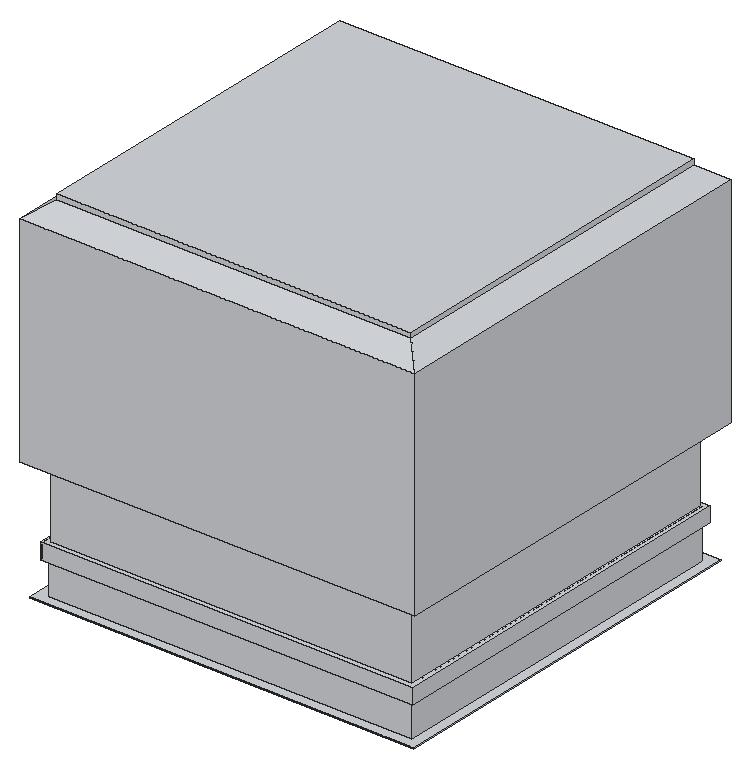
Revit family "ETE", category Mechanical Equipment, Revit 2019
Family settings
  Round Connector Dimension = Use Diameter
  Part Type = Normal
  Work Plane-Based = No
  Always vertical = Yes
  Cut with Voids When Loaded = No
  Shared = No
  Room Calculation Point = No
Parameters (values of type "60_ETE")
  Unit Weight [instance] = ""
  Sones [instance] = ""
  RO/2 = RO / 2  # 2' - 9 3/4"
  Motor RPM [instance] = ""
  Motor Enclosure [instance] = ""
  ModelID [instance] = ""
  LwA [instance] = ""
  CURB_HEIGHT [instance] = 0' - 9 1/2"
  CURB [instance] = yes
  C/2 = A_ / 2  # 3' - 2 3/8"
  D/2 = A__ / 2  # 3' - 2 3/8"
  RO = T_SQ - 0' 4 1/2"  # 5' - 7 1/2"
  T_SQ/2 = T_SQ / 2  # 3' - 0"
  Fan RPM [instance] = ""
  T_SQ = 6' - 0"
  Accessories [instance] = ""
  A_ = A__  # 6' - 4 3/4"
  A__ = 6' - 4 3/4"
  B/2 = C / 2  # 0' - 8 5/8"
  C = 1' - 5 1/4"
  Brake Hp [instance] = ""
  G/2 = G / 2  # 0' - 1 1/2"
  G-.125" = G - 0' 0 1/8"  # 0' - 2 7/8"
  B-G = C - G  # 1' - 2 1/4"
  A-B = B - C  # 3' - 10 1/4"
  G = 0' - 3"
  A/2 = B / 2  # 2' - 7 3/4"
  A-1.5" = B - 0' 1 1/2"  # 5' - 2"
  B = 5' - 3 1/2"
  4" = 0' - 4"  # constant formula
  2' = 2' - 0"
  2" = 0' - 2"  # constant formula
  1" = 0' - 1"  # constant formula
  0 = 0' - 0"  # constant formula
  Voltage [instance] = 0 V
  URL = "www.lorencook.com"
  Type Comments = "Tiered Exhaust Ventilator Roof Mounted/Belt Drive"  # constant formula
  Static Pressure [instance] = 0.00 in-wg
  Power [instance] = Voltage * Motor FLA * sqrt(if(Phase = 3, 3, 1))  # 0 VA
  Phase [instance] = 0
  Number of Poles [instance] = 1
  Motor Hp [instance] = "0"
  Motor FLA [instance] = 0 A
  Model = "ETE"  # constant formula
  Manufacturer = "Loren Cook Company"
  CFM [instance] = 0 CFM
  1.5 = 0' - 1 1/2"  # constant formula
  ONE EIGTH = 0' - 0 1/8"  # constant formula
  -D/2 = -A__ / 2  # -3' - 2 3/8"
  -(B/2) = -(C / 2)  # -0' - 8 5/8"
  -(A/2) = -(B / 2)  # -2' - 7 3/4"
  (T_SQ/2)-2" = (T_SQ / 2) - 0' 2"  # 2' - 10"
  (T_SQ/2)-1" = (T_SQ / 2) - 0' 1"  # 2' - 11"
  (T_SQ/2)+.125" = (T_SQ / 2) + 0' 0 1/8"  # 3' - 0 1/8"
  (A-B)/2 = (B - C) / 2  # 1' - 11 1/8"
Types (8): name | RO/2 | C/2 | D/2 | RO | T_SQ/2 | T_SQ | A_ | A__ | B/2 | C | B-G | A-B | A/2 | A-1.5" | B | -D/2 | -(B/2) | -(A/2) | (T_SQ/2)-2" | (T_SQ/2)-1" | (T_SQ/2)+.125" | (A-B)/2
  (no name) | 2' - 9 3/4" | 3' - 2 3/8" | 3' - 2 3/8" | 5' - 7 1/2" | 3' - 0" | 6' - 0" | 6' - 4 3/4" | 6' - 4 3/4" | 0' - 8 5/8" | 1' - 5 1/4" | 1' - 2 1/4" | 3' - 10 1/4" | 2' - 7 3/4" | 5' - 2" | 5' - 3 1/2" | -3' - 2 3/8" | -0' - 8 5/8" | -2' - 7 3/4" | 2' - 10" | 2' - 11" | 3' - 0 1/8" | 1' - 11 1/8"
  24_ETE | 1' - 3 3/4" | 1' - 8 3/8" | 1' - 8 3/8" | 2' - 7 1/2" | 1' - 6" | 3' - 0" | 3' - 4 3/4" | 3' - 4 3/4" | 0' - 6 1/4" | 1' - 0 1/2" | 0' - 9 1/2" | 1' - 9 3/4" | 1' - 5 1/8" | 2' - 8 3/4" | 2' - 10 1/4" | -1' - 8 3/8" | -0' - 6 1/4" | -1' - 5 1/8" | 1' - 4" | 1' - 5" | 1' - 6 1/8" | 0' - 10 7/8"
  30_ETE | 1' - 6 3/4" | 1' - 11 3/8" | 1' - 11 3/8" | 3' - 1 1/2" | 1' - 9" | 3' - 6" | 3' - 10 3/4" | 3' - 10 3/4" | 0' - 6 1/4" | 1' - 0 1/2" | 0' - 9 1/2" | 1' - 9 3/4" | 1' - 5 1/8" | 2' - 8 3/4" | 2' - 10 1/4" | -1' - 11 3/8" | -0' - 6 1/4" | -1' - 5 1/8" | 1' - 7" | 1' - 8" | 1' - 9 1/8" | 0' - 10 7/8"
  36_ETE | 1' - 9 3/4" | 2' - 2 3/8" | 2' - 2 3/8" | 3' - 7 1/2" | 2' - 0" | 4' - 0" | 4' - 4 3/4" | 4' - 4 3/4" | 0' - 6 1/4" | 1' - 0 1/2" | 0' - 9 1/2" | 2' - 4 3/4" | 1' - 8 5/8" | 3' - 3 3/4" | 3' - 5 1/4" | -2' - 2 3/8" | -0' - 6 1/4" | -1' - 8 5/8" | 1' - 10" | 1' - 11" | 2' - 0 1/8" | 1' - 2 3/8"
  42_ETE | 2' - 0 3/4" | 2' - 5 3/8" | 2' - 5 3/8" | 4' - 1 1/2" | 2' - 3" | 4' - 6" | 4' - 10 3/4" | 4' - 10 3/4" | 0' - 8 1/8" | 1' - 4 1/4" | 1' - 1 1/4" | 2' - 4 3/4" | 1' - 10 1/2" | 3' - 7 1/2" | 3' - 9" | -2' - 5 3/8" | -0' - 8 1/8" | -1' - 10 1/2" | 2' - 1" | 2' - 2" | 2' - 3 1/8" | 1' - 2 3/8"
  48_ETE | 2' - 3 3/4" | 2' - 8 3/8" | 2' - 8 3/8" | 4' - 7 1/2" | 2' - 6" | 5' - 0" | 5' - 4 3/4" | 5' - 4 3/4" | 0' - 8 1/8" | 1' - 4 1/4" | 1' - 1 1/4" | 2' - 11 3/4" | 2' - 2" | 4' - 2 1/2" | 4' - 4" | -2' - 8 3/8" | -0' - 8 1/8" | -2' - 2" | 2' - 4" | 2' - 5" | 2' - 6 1/8" | 1' - 5 7/8"
  54_ETE | 2' - 6 3/4" | 2' - 11 3/8" | 2' - 11 3/8" | 5' - 1 1/2" | 2' - 9" | 5' - 6" | 5' - 10 3/4" | 5' - 10 3/4" | 0' - 8 5/8" | 1' - 5 1/4" | 1' - 2 1/4" | 3' - 3 1/4" | 2' - 4 1/4" | 4' - 7" | 4' - 8 1/2" | -2' - 11 3/8" | -0' - 8 5/8" | -2' - 4 1/4" | 2' - 7" | 2' - 8" | 2' - 9 1/8" | 1' - 7 5/8"
  60_ETE | 2' - 9 3/4" | 3' - 2 3/8" | 3' - 2 3/8" | 5' - 7 1/2" | 3' - 0" | 6' - 0" | 6' - 4 3/4" | 6' - 4 3/4" | 0' - 8 5/8" | 1' - 5 1/4" | 1' - 2 1/4" | 3' - 10 1/4" | 2' - 7 3/4" | 5' - 2" | 5' - 3 1/2" | -3' - 2 3/8" | -0' - 8 5/8" | -2' - 7 3/4" | 2' - 10" | 2' - 11" | 3' - 0 1/8" | 1' - 11 1/8"
Reference planes (in)
  plane 1 "Center (Front/Back)": y = 0
  plane 2: z = 0
  plane 3 "Center (Left/Right)": x = 0.40541
Forms (in)
  Extrusion 1, solid
    sketch origin (0, 0, 0) x (1, 0, 0) y (0, 1, 0)
      loop
        line (-35.71959, 36.125) -> (-35.71959, -36.125) -> (36.53041, -36.125) -> (36.53041, 36.125) -> (-35.71959, 36.125)
    from 0 to 3 <- "G"
  Extrusion 2, void
    sketch origin (0, 0, 0) x (1, 0, 0) y (0, 1, 0)
      loop
        line (-35.59459, 36) -> (-35.59459, -36) -> (36.40541, -36) -> (36.40541, 36) -> (-35.59459, 36)
    from 0 to 2.875 <- "G-.125""
  Revolve 3, solid
    sketch origin (0, 0, 0) x (1, 0, 0) y (0, 0, 1)
      loop
        line (0.40541, 3) -> (34.40541, 3)
        arc (34.40541, 3) -> (27.28041, 10.125) -> (34.40541, 17.25) r 7.125
        line (34.40541, 17.25) -> (0.40541, 17.25) -> (0.40541, 3)
      axis (0.40541, 17.25) -> (0.40541, 3)
    angle from 0 to 360
  Extrusion 4, solid
    sketch origin (0, 0, 0) x (1, 0, 0) y (0, 0, 1)
      loop
        line (-37.96959, 17.25) -> (38.78041, 17.25) -> (38.78041, 63.5) -> (-37.96959, 63.5) -> (-37.96959, 17.25)
    from -38.375 <- "-D/2" to 38.375 <- "D/2"
  Extrusion 5, solid
    sketch origin (0, 0, 0) x (1, 0, 0) y (0, 1, 0)
      loop
        line (-34.59459, 35) -> (-34.59459, -35) -> (35.40541, -35) -> (35.40541, 35) -> (-34.59459, 35)
    from 3 <- "G" to 17.25 <- "C"
  Sweep 6, void
    path origin (0, 0, 0) x (1, 0, 0) y (0, 1, 0)
      loop
        line (-37.96959, 38.375) -> (-37.96959, -38.375) -> (38.78041, -38.375) -> (38.78041, 38.375) -> (-37.96959, 38.375)
    profile origin (0.40541, 38.375, 0) x (0, 1, 0) y (0, 0, 1)
      loop
        line (0, 63.5) -> (-4, 63.5) -> (-4, 62.5) -> (0, 59.5) -> (0, 63.5)
  Extrusion 7, solid, visible <- "CURB"
    sketch origin (0, 0, 2.875) x (0, 1, 0) y (1, 0, 0)
      loop
        line (-33.75, -33.34459) -> (33.75, -33.34459) -> (33.75, 34.15541) -> (-33.75, 34.15541) -> (-33.75, -33.34459)
      loop
        line (35.25, 35.65541) -> (-35.25, 35.65541) -> (-35.25, -34.84459) -> (35.25, -34.84459) -> (35.25, 35.65541)
    from 0 to 9.5 <- "CURB_HEIGHT"
  Extrusion 8, solid, visible <- "CURB"
    sketch origin (0, 0, -6.625) x (-1, 0, 0) y (0, 1, 0)
      loop
        line (34.84459, -35.25) -> (34.84459, 35.25) -> (-35.65541, 35.25) -> (-35.65541, -35.25) -> (34.84459, -35.25)
      loop
        line (-37.65541, 37.25) -> (-37.65541, -37.25) -> (36.84459, -37.25) -> (36.84459, 37.25) -> (-37.65541, 37.25)
    from 0 to -0.125
Cuts and joins
  Extrusion 2 cuts Extrusion 1
  Sweep 6 cuts Extrusion 4
Dimensions and locks (in)
  "(T_SQ/2)+.125"": Extrusion 1 sketch curve to plane 3 "Center (Left/Right)"
  "(T_SQ/2)+.125"": plane 3 "Center (Left/Right)" to Extrusion 1 sketch curve
  "(T_SQ/2)+.125"": plane 1 "Center (Front/Back)" to Extrusion 1 sketch curve
  "(T_SQ/2)+.125"": Extrusion 1 sketch curve to plane 1 "Center (Front/Back)"
  "T_SQ/2": Extrusion 2 sketch curve to plane 3 "Center (Left/Right)"
  "T_SQ/2": plane 3 "Center (Left/Right)" to Extrusion 2 sketch curve
  "T_SQ/2": plane 1 "Center (Front/Back)" to Extrusion 2 sketch curve
  "T_SQ/2": Extrusion 2 sketch curve to plane 1 "Center (Front/Back)"
  "B-G": Revolve 3 sketch curve to cut or joined group of Extrusion 1, Extrusion 2
  "(T_SQ/2)-2"": Revolve 3 sketch curve to plane 3 "Center (Left/Right)"
  "0": Revolve 3 sketch curve to plane 3 "Center (Left/Right)"  (x2)
  "0": Revolve 3 sketch curve to cut or joined group of Extrusion 1, Extrusion 2
  "B": Extrusion 4 sketch curve to level
  "0": Extrusion 4 sketch curve to Revolve 3
  "C/2": Extrusion 4 sketch curve to plane 3 "Center (Left/Right)"  (x2)
  "(T_SQ/2)-1"": Extrusion 5 sketch curve to plane 3 "Center (Left/Right)"
  "(T_SQ/2)-1"": plane 3 "Center (Left/Right)" to Extrusion 5 sketch curve
  "(T_SQ/2)-1"": plane 1 "Center (Front/Back)" to Extrusion 5 sketch curve
  "(T_SQ/2)-1"": Extrusion 5 sketch curve to plane 1 "Center (Front/Back)"
  "0": Sweep 6 sketch curve to Extrusion 4  (x4)
  "0": Extrusion 4 to Sweep 6 sketch curve  (x2)
  "4"": Extrusion 4 to Sweep 6 sketch curve  (x2)
  "1"": Extrusion 4 to Sweep 6 sketch curve
  "1.5": Extrusion 7 sketch curve to Extrusion 7 sketch curve  (x4)
  "RO/2": Extrusion 7 sketch curve to plane 3 "Center (Left/Right)"
  "RO/2": plane 3 "Center (Left/Right)" to Extrusion 7 sketch curve
  "RO/2": Extrusion 7 sketch curve to plane 1 "Center (Front/Back)"  (x2)
  "2"": Extrusion 8 sketch curve to Extrusion 8 sketch curve  (x4)
  "0": Extrusion 7 to Extrusion 8 sketch curve
  "0": Extrusion 8 sketch curve to Extrusion 7  (x3)
Automatic sketch dimensions
  Revolve 3 sketch curve to level = 0' - 4"
  Revolve 3 sketch curve to Revolve 3 sketch curve = 0' - 0"
Connectors (in)
  hvac at (0.40541, 0, 2.875), driven by "RO", driven by "RO", driven by "CFM"
    settings: on cut or joined group of Extrusion 1, Extrusion 2, index 1, duct flow 0 CFM, flow factor 0, pres drop 0.00 in-wg, loss coef 0, conn angle 0.00°, conn width 67 1/2", conn height 67 1/2", conn diameter 24", duct sys type 3, conn prof type 1, flow config 0, flow direction 2, loss method 0, conn ref index -1, conn util no, is conn primary yes, conn desc ""
  electrical at (0.40541, 0, 2.875)
    settings: on cut or joined group of Extrusion 1, Extrusion 2, index 2, voltage 0 V, apparent load 0 VA, apparent load phase1 0 VA, apparent load phase2 0 VA, apparent load phase3 0 VA, power factor 1, load classification "Other", number of poles 1, system type 30, power factor state 1, is connector primary yes, connector utility no, sub classification motor no, connector description ""
